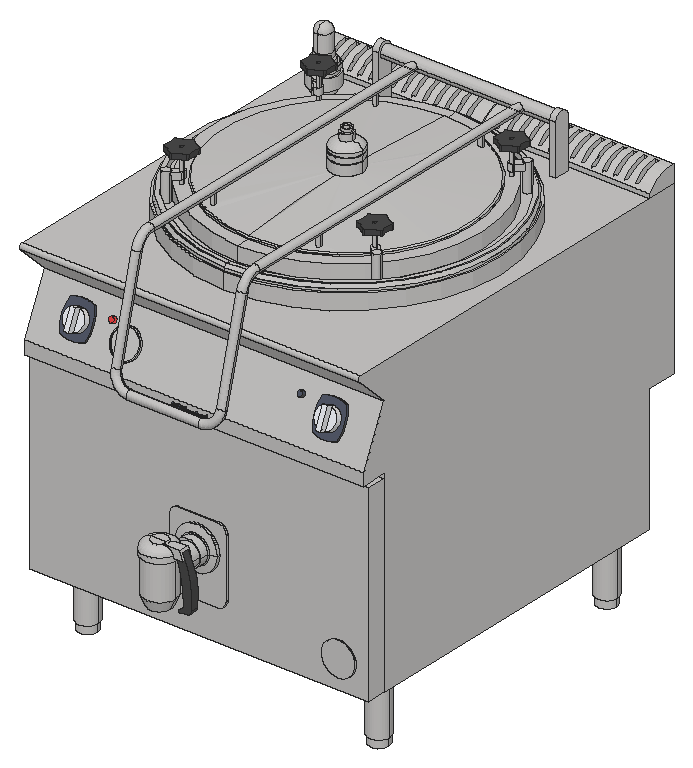
Revit family "QF_ELECTROLUXPROFESSIONAL_391295_E9BSGHIR4C", category Specialty Equipment, Revit 2018 (continued)
Automatic sketch dimensions
  curve 243 to curve 223 = 4.166 mm
  curve 212 to curve 223 = 0 mm
  curve 224 to curve 225 = 4 mm
  curve 171 to curve 171 = 2.031 mm  (x2)
  curve 177 to curve 177 = 2.063 mm
  curve 178 to curve 179 = 4 mm
  curve 217 to curve 217 = 2.063 mm  (x2)
  curve 212 to curve 223 = 2.031 mm
  curve 223 to curve 223 = 2.031 mm
  curve 172 to curve 171 = 0 mm
  curve 222 to curve 223 = 0 mm
  curve 177 to curve 176 = 2.063 mm
  curve 177 to curve 176 = 0 mm
  curve 218 to curve 217 = 0 mm
  curve 218 to curve 259 = 2.209 mm
  curve 176 to curve 259 = 2.209 mm
  plane 1 "BACK" to curve 91 = 6.761 mm
  curve 91 to plane 19 = 15.43 mm
  curve 180 to plane 19 = 8.37 mm
  curve 226 to plane 19 = 8.171 mm
  curve 93 to plane 19 = 6.135 mm
  plane 19 to curve 173 = 6.011 mm
  plane 19 to curve 219 = 6.011 mm
  plane 19 to curve 221 = 6.011 mm
  plane 19 to curve 175 = 6.011 mm
  curve 221 to curve 222 = 0.873 mm
  curve 219 to curve 218 = 0.873 mm
  curve 173 to curve 173 = 0.873 mm
  curve 175 to curve 176 = 0.873 mm
  curve 175 to curve 176 = 0 mm
  curve 219 to curve 218 = 0 mm
  curve 172 to curve 173 = 0 mm
  curve 221 to curve 222 = 0 mm
  curve 175 to curve 260 = 2.012 mm
  curve 219 to curve 260 = 2.012 mm
  curve 173 to curve 180 = 1.788 mm
  curve 222 to curve 226 = 1.895 mm
  curve 226 to curve 221 = 0.155 mm
  curve 220 to curve 221 = 0 mm
  curve 180 to curve 173 = 0.261 mm
  curve 174 to curve 173 = 0 mm
  curve 175 to curve 174 = 2.922 mm
  curve 219 to curve 220 = 2.922 mm
  curve 219 to curve 220 = 0 mm
  curve 175 to curve 174 = 0 mm
  plane 19 to curve 89 = 10.058 mm
  curve 88 to curve 87 = 9.296 mm
  plane 19 to curve 172 = 25.788 mm
  plane 19 to curve 222 = 25.788 mm
  curve 87 to curve 82 = 16.193 mm
  curve 82 to curve 85 = 9.296 mm
  plane 1 "BACK" to curve 78 = 6.761 mm
  curve 84 to curve 78 = 16.193 mm
  curve 80 to curve 80 = 9.296 mm
  curve 74 to plane 16 = 6.513 mm
  plane 14 to curve 74 = 0.809 mm
  curve 73 to plane 15 = 15.001 mm
  curve 72 to curve 72 = 9.296 mm
  plane 4 "RIGHT" to curve 2 = 50 mm
  curve 164 to curve 165 = 19.044 mm
  curve 162 to curve 155 = 1.575 mm
  curve 159 to curve 158 = 1.575 mm
  curve 252 to curve 228 = 9.913 mm
  curve 253 to curve 254 = 8.924 mm
  curve 251 to plane 12 = 3.273 mm
  curve 246 to plane 12 = 3.273 mm
  plane 12 to curve 245 = 7.418 mm
  plane 12 to curve 255 = 14.168 mm
  curve 250 to curve 249 = 9.667 mm
  curve 245 to curve 244 = 9.667 mm
  curve 230 to curve 248 = 8.036 mm
  curve 255 to curve 262 = 8.036 mm
  curve 230 to curve 256 = 32.108 mm
  curve 172 to curve 262 = 51.031 mm
  curve 195 to curve 193 = 25.162 mm
  curve 180 to curve 178 = 25.162 mm
  curve 264 to curve 185 = 4.689 mm
  curve 197 to curve 257 = 6.038 mm
  curve 225 to curve 226 = 20.194 mm
  curve 257 to curve 241 = 9.125 mm
  curve 258 to curve 240 = 8.036 mm
  curve 127 to curve 127 = 35 mm
  curve 127 to curve 129 = 5 mm
  curve 129 to curve 134 = 5 mm
  curve 239 to curve 238 = 9.454 mm
  plane 20 to curve 143 = 9.515 mm
  curve 146 to curve 147 = 30 mm
  curve 147 to curve 144 = 2.394 mm
  curve 147 to curve 148 = 2.394 mm
  plane 20 to curve 8 = 57.15 mm
  curve 237 to curve 58 = 50.222 mm
  curve 155 to curve 111 = 50.222 mm
  curve 142 to curve 91 = 17.828 mm
  curve 111 to curve 109 = 0 mm
  curve 148 to curve 48 = 17.828 mm
  curve 8 to curve 15 = 4.965 mm
  curve 16 to curve 18 = 0 mm
  curve 235 to curve 125 = 50.222 mm
  curve 148 to curve 45 = 17.828 mm
  curve 41 to curve 42 = 0 mm
  curve 18 to curve 23 = 0 mm
  curve 32 to curve 39 = 0 mm
  curve 58 to curve 63 = 0 mm
  curve 64 to curve 66 = 0 mm
  curve 95 to curve 90 = 0 mm
  curve 90 to curve 89 = 0 mm
  curve 98 to curve 96 = 0 mm
  curve 26 to curve 31 = 0 mm
  curve 32 to curve 37 = 0 mm
  curve 57 to curve 58 = 0 mm
  curve 114 to curve 112 = 0 mm
  curve 106 to curve 105 = 0 mm
  curve 50 to curve 55 = 0 mm
  curve 119 to curve 114 = 0 mm
  curve 87 to curve 79 = 0.974 mm
  curve 87 to curve 83 = 0.974 mm
  curve 79 to curve 77 = 0 mm
  curve 74 to curve 73 = 0 mm
  plane 1 "BACK" to curve 73 = 6.761 mm
  plane 1 "BACK" to curve 75 = 6.761 mm
  plane 1 "BACK" to curve 83 = 6.761 mm
  plane 1 "BACK" to curve 86 = 6.761 mm
  plane 1 "BACK" to curve 99 = 6.761 mm
  plane 1 "BACK" to curve 65 = 6.761 mm
  plane 1 "BACK" to curve 102 = 6.761 mm
  plane 1 "BACK" to curve 57 = 6.761 mm
  plane 1 "BACK" to curve 53 = 6.761 mm
  plane 1 "BACK" to curve 123 = 6.761 mm
  plane 1 "BACK" to curve 31 = 6.761 mm
  plane 1 "BACK" to curve 49 = 6.761 mm
  plane 1 "BACK" to curve 19 = 6.761 mm
  plane 1 "BACK" to curve 41 = 6.761 mm
  plane 1 "BACK" to curve 35 = 6.761 mm
  curve 2 to plane 1 "BACK" = 50 mm
  Extrusion 8 sketch curve to Extrusion 5 = 66.87 mm
  Extrusion 8 sketch curve to Extrusion 5 = 126.87 mm
  Extrusion 5 to Extrusion 8 sketch curve = 70.027 mm
  Extrusion 5 to Extrusion 8 sketch curve = 284.973 mm
  Extrusion 23 sketch curve to Extrusion 5 = 47 mm  (x2)
  plane 5 "FRONT" to Extrusion 24 sketch curve = 0 mm  (x2)
  Extrusion 24 sketch curve to plane 3 "LEFT" = 0 mm
  plane 1 "BACK" to Extrusion 24 sketch curve = 0 mm
  Extrusion 24 sketch curve to plane 4 "RIGHT" = 0 mm
  Extrusion 24 sketch curve to plane 3 "LEFT" = 50 mm
  plane 4 "RIGHT" to Extrusion 24 sketch curve = 50 mm
  Extrusion 24 sketch curve to plane 1 "BACK" = 50 mm
  Extrusion 38 sketch curve to Extrusion 5 = 29 mm
  plane 8 "Center X" to Revolve 40 sketch curve = 88.898 mm
  Revolve 40 sketch curve to plane 11 = 146.808 mm
  Revolve 40 sketch curve to Revolve 40 sketch curve = 5 mm
  Revolve 40 sketch curve to Revolve 40 sketch curve = 4.913 mm
  Revolve 40 sketch curve to Revolve 40 sketch curve = 13.837 mm
  Revolve 40 sketch curve to Revolve 40 sketch curve = 24.332 mm
  Revolve 40 sketch curve to Revolve 40 sketch curve = 29.332 mm
  Revolve 40 sketch curve to Revolve 40 sketch curve = 2.777 mm  (x2)
  Revolve 40 sketch curve to Revolve 40 sketch curve = 288.723 mm
  Revolve 40 sketch curve to Revolve 40 sketch curve = 0 mm
  Revolve 40 sketch curve to Revolve 40 sketch curve = 2509.206 mm
  Revolve 40 sketch curve to Revolve 40 sketch curve = 37.198 mm
  Revolve 40 sketch curve to Revolve 40 sketch curve = 1.927 mm
  Revolve 40 sketch curve to Revolve 40 sketch curve = 40.825 mm
  Revolve 40 sketch curve to Revolve 40 sketch curve = 5.725 mm
  Revolve 40 sketch curve to Revolve 40 sketch curve = 8.509 mm
  Revolve 40 sketch curve to Revolve 40 sketch curve = 1.804 mm
  Revolve 40 sketch curve to Revolve 40 sketch curve = 35.657 mm
  Revolve 40 sketch curve to Revolve 40 sketch curve = 3.37 mm
  Revolve 40 sketch curve to Revolve 40 sketch curve = 6.257 mm
  Extrusion 41 sketch curve to plane 18 = 124.074 mm  (x2)
  Extrusion 41 sketch curve to plane 19 = 124.074 mm  (x2)
  Extrusion 41 sketch curve to Extrusion 41 sketch curve = 0 mm  (x2)
  Extrusion 41 sketch curve to Extrusion 41 sketch curve = 478.257 mm
  Revolve 42 sketch curve to plane 7 "Center Y" = 0 mm  (x2)
  plane 7 "Center Y" to Revolve 42 sketch curve = 6.853 mm
  plane 7 "Center Y" to Revolve 42 sketch curve = 9.619 mm
  plane 7 "Center Y" to Revolve 42 sketch curve = 10.424 mm
  Revolve 42 sketch curve to Revolve 42 sketch curve = 5 mm  (x5)
  plane 7 "Center Y" to Revolve 42 sketch curve = 26.874 mm
  Revolve 42 sketch curve to Revolve 42 sketch curve = 24.24 mm
  Revolve 42 sketch curve to Revolve 42 sketch curve = 0 mm  (x2)
  Revolve 42 sketch curve to Revolve 42 sketch curve = 2.21 mm  (x2)
  Revolve 42 sketch curve to Revolve 42 sketch curve = 10 mm
  Revolve 42 sketch curve to Revolve 42 sketch curve = 16.26 mm
  Revolve 42 sketch curve to Revolve 42 sketch curve = 22.675 mm
  Revolve 42 sketch curve to Revolve 42 sketch curve = 2.956 mm  (x2)
  Revolve 42 sketch curve to Revolve 42 sketch curve = 4.59 mm
  Revolve 42 sketch curve to Revolve 42 sketch curve = 11.003 mm
  Revolve 42 sketch curve to Revolve 42 sketch curve = 7.062 mm
  Revolve 42 sketch curve to Revolve 42 sketch curve = 13.329 mm
  Revolve 42 sketch curve to Revolve 42 sketch curve = 2.791 mm
  Sweep 44 sketch curve to profile plane = 0 mm  (x2)
  curve 155 to curve 154 = 19 mm
  curve 132 to plane 20 = 0 mm
  curve 131 to plane 13 = 19 mm
  curve 133 to curve 131 = 6.817 mm
  curve 200 to curve 257 = 0.996 mm
  radius of Extrusion 10 sketch curve = 25.4 mm  (x2)
  radius of Extrusion 11 sketch curve to Extrusion 10 = 0 mm  (x4)
  radius of Extrusion 12 sketch curve = 6.35 mm
  radius of Extrusion 13 sketch curve = 6.35 mm
  radius of Extrusion 20 sketch curve = 5 mm  (x4)
  radius of Extrusion 26 sketch curve = 15 mm
  radius of Extrusion 28 sketch curve = 35 mm
  radius of Extrusion 29 sketch curve to Extrusion 28 = 2 mm
  radius of Split face 1 sketch curve to Extrusion 29 = 30.65 mm  (x2)
  radius of Extrusion 31 sketch curve = 9.5 mm  (x4)
  radius of Extrusion 33 sketch curve = 4 mm  (x4)
  radius of Sweep 43 sketch curve = 9.5 mm
  radius of Extrusion 8 sketch curve = 40 mm
  radius of Extrusion 8 sketch curve = 20 mm
  radius of Extrusion 21 sketch curve = 6.35 mm
  radius of Extrusion 22 sketch curve = 6.35 mm
  radius of Extrusion 23 sketch curve = 9.5 mm  (x2)
  radius of Extrusion 38 sketch curve = 4 mm
  radius of Extrusion 41 sketch curve = 5 mm  (x4)
  radius of Sweep 44 sketch curve = 9.5 mm
Connectors
  electrical at (729, -721, 137)
    settings: on Extrusion 22, index 1, voltage 230 V, apparent load 20 VA, apparent load phase1 0 VA, apparent load phase2 0 VA, apparent load phase3 0 VA, power factor 1, load classification "Other", number of poles 1, system type 30, power factor state 1, is connector primary yes, connector utility no, sub classification motor no, connector description "ELECTRICAL CONNECTION"
  piping at (746, -655, 137), diameter 12.8
    settings: on Extrusion 21, index 2, connector inside diameter 0.50394", connector length 0 mm, flow factor 0, pipe flow 0 GPM, pressure drop 0.00 psi, fitting loss kfactor 0, connector angle 0.00°, fixture units 0, engagement length 0 mm, angle of deflection 0.00°, flow configuration 1, flow direction 1, fitting loss method 0, system type 7, joint type 0, gender type 0, connector reference index -1, connector utility 0, adjustable connector no, is connector primary yes, connector description "GAS CONNECTION"
  piping at (47, -646, 137), diameter 19
    settings: on Extrusion 23, index 3, connector inside diameter 0.74803", connector length 0 mm, flow factor 0, pipe flow 0 GPM, pressure drop 0.00 psi, fitting loss kfactor 0, connector angle 0.00°, fixture units 0, engagement length 0 mm, angle of deflection 0.00°, flow configuration 1, flow direction 1, fitting loss method 0, system type 19, joint type 0, gender type 0, connector reference index -1, connector utility 0, adjustable connector no, is connector primary no, connector description "HOT WATER INLET"
  piping at (47, -716, 137), diameter 19
    settings: on Extrusion 23, index 4, connector inside diameter 0.74803", connector length 0 mm, flow factor 0, pipe flow 0 GPM, pressure drop 0.00 psi, fitting loss kfactor 0, connector angle 0.00°, fixture units 0, engagement length 0 mm, angle of deflection 0.00°, flow configuration 1, flow direction 1, fitting loss method 0, system type 20, joint type 0, gender type 0, connector reference index -1, connector utility 0, adjustable connector no, is connector primary no, connector description "COLD WATER INLET"
